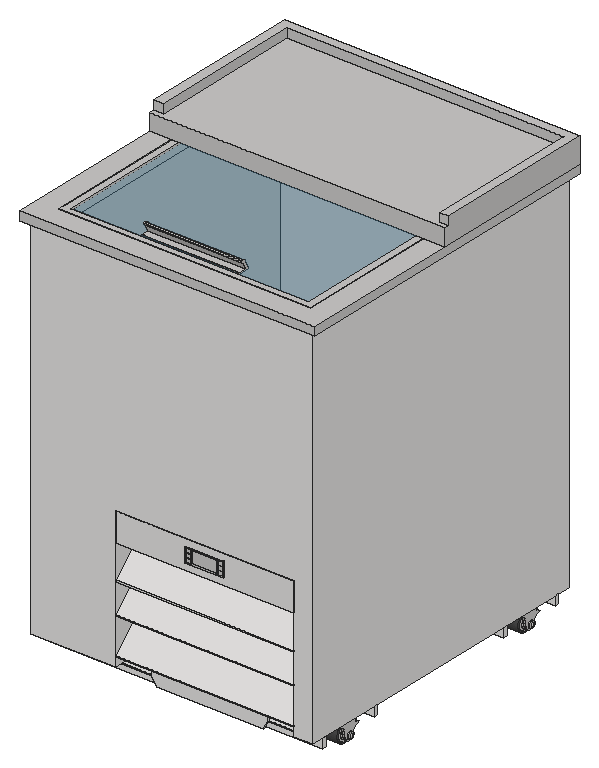
Revit family "QF_Kelvinator_738364_KCHGF24SS", category Specialty Equipment, Revit 2023
Family settings
  Round Connector Dimension = Use Diameter
  Part Type = Normal
  Work Plane-Based = No
  Enable Cutting in Views = No
  Always vertical = Yes
  Cut with Voids When Loaded = No
  Maintain Annotation Orientation = No
  Shared = No
  Room Calculation Point = No
Parameters
  Weight in Pounds = 121.254
  Weight = 55.00 lbm
  Watts = 0 W
  Volts = 115 V
  URL Manufacturer = "KELVINATOR"
  URL Cutsheet = ""
  URL = "KELVINATOR"
  Specification by User = ""
  Specification by Manufacturer = ""
  Serial Number = ""
  Seismic Rating = ""
  SMACNA No = ""
  Revision Code = ""
  Refrigerant Type = "R290"
  Phase = 1
  Number of Poles = 1
  NAFEM Spec ID Number = ""
  Model = "KCHGF24SS"
  Min Ckt Ampacity = 0 A
  Max Overcurrent Protection = 0 A
  Masterspec = ""
  Manufacturer = "Kelvinator"
  Length Actual = 612"
  Length = 24 1/8"
  Item Number = "738364"
  Installed By = ""
  Identify Quantity as Lot = yes
  Height Actual = 885"
  Height = 34 13/16"
  HP = "0.9 HP"
  Gas KW = 0
  Furnished By = ""
  Foodservice Equipment Identifier = yes
  FL Amps = 1.5 A
  Electrical Remarks = ""
  Electric Connection Type = ""
  Elec Conn RI Height = 0"
  Elec Conn Connection Height = 0"
  Description = "SLIDE TOP MUG/GLASS FROSTER STAINLESS STEEL 24\" LONG"
  Depth Actual = 687"
  Depth = 27 1/16"
  Default Elevation = 0"
  Cycle = 60 Hz
  Conn Plug = "5-15P"
  Conn Conduit = yes
  CSI MasterFormat = ""
  Apparent Power = 0 VA
  Accessory = no
Reference planes (in)
  plane 1 "BACK": y = 0
  plane 2: z = 0
  plane 3 "LEFT": x = 0
  plane 4 "RIGHT": x = 24.125
  plane 5 "FRONT": y = -27.0625
  plane 6 "TOP": z = 34.8125
  plane 7 "Center Y": x = 12.0625
  plane 8 "Center X": y = -13.53125
Dimensions and locks (in)
  equal spacing: plane 3 "LEFT", plane 7 "Center Y", plane 4 "RIGHT"
  "Length": plane 3 "LEFT" to plane 4 "RIGHT"
  equal spacing: plane 5 "FRONT", plane 8 "Center X", plane 1 "BACK"
  "Depth": plane 5 "FRONT" to plane 1 "BACK"
  "Height": plane 6 "TOP" to level
  aligned and locked: level to plane 2
Nested families (in)
  nested 1: "Family1" at (0, 0, 0), type "Family1"
Connectors (in)
  electrical at (10.2045, -1.10078, 1.25331), driven by "Volts", driven by "Watts"
    settings: on nested 1, index 1, voltage 115 V, apparent load 0 VA, apparent load phase1 0 VA, apparent load phase2 0 VA, apparent load phase3 0 VA, power factor 1, load classification "Power", number of poles 1, system type 30, power factor state 1, is connector primary yes, connector utility no, sub classification motor no, connector description "Electrical Connection"
Definition of nested family "Family1"
  Parameters (values of type "Family1")
    Weight in Pounds = 0
    URL Cutsheet = ""
    Specification by User = ""
    Specification by Manufacturer = ""
    Serial Number = ""
    Seismic Rating = ""
    SMACNA No = ""
    Revision Code = ""
    NAFEM Spec ID Number = ""
    Masterspec = ""
    Length = 24.094"
    Item Number = ""
    Installed By = ""
    Identify Quantity as Lot = yes
    Height = 34.843"
    Furnished By = ""
    Foodservice Equipment Identifier = yes
    Depth = 27.047"
    Default Elevation = 0"
    CSI MasterFormat = ""
  Reference planes (in)
    plane 1 "BACK": y = 0
    plane 2: z = 0
    plane 3 "LEFT": x = 0
    plane 4 "RIGHT": x = 24.094
    plane 5 "FRONT": y = -27.047
    plane 6 "TOP": z = 34.843
    plane 7 "Center Y": x = 12.047
    plane 8 "Center X": y = -13.5235
    plane 9: z = 1.7375
    plane 10: z = 13.2
    plane 11: x = 22.5565
    plane 12: x = 1.5
    plane 13: y = -26.5735
    plane 14: y = -0.4735
    plane 15: x = 23.5795
    plane 16: x = 0.5145
    plane 17: z = 32.7275
    plane 18: z = 32.0275
    plane 19: x = 24.125
    plane 20: y = -27.0625
    plane 21: z = 34.8125
  Forms (in)
    Extrusion 1, solid
      sketch origin (0, 0, 0) x (0, 1, 0) y (0, 0, 1)
        loop
          line (-26.5735, 32.0275) -> (-26.5735, 1.7375) -> (-0.4735, 1.7375) -> (-0.4735, 32.0275) -> (-26.5735, 32.0275)
      from 0.5145 to 23.5795
    Extrusion 2, solid
      sketch origin (0, 0, 7.1225) x (0, 1, 0) y (0, 0, 1)
        loop
          line (-27.0625, 24.905) -> (0, 24.905) -> (0, 25.605) -> (-27.0625, 25.605) -> (-27.0625, 24.905)
      from 0 to 24.125
    Extrusion 3, solid
      sketch origin (0, 0, 0) x (0, 1, 0) y (0, 0, 1)
        loop
          line (-13.75, 32.7275) -> (0, 32.7275) -> (0, 34.093) -> (-13.75, 34.093) -> (-13.75, 32.7275)
      from 0 to 24.125
    Extrusion 4, solid
      sketch origin (0, 0, 34.093) x (0, -1, 0) y (1, 0, 0)
        loop
          line (0, 24.125) -> (0, 0) -> (13.33441, 0) -> (13.33441, 0.75) -> (0.69634, 0.75) -> (0.69634, 23.375) -> (13.33441, 23.375) -> (13.33441, 24.125) -> (0, 24.125)
      from 0 to 0.7195
    Extrusion 5, void
      sketch origin (0, 0.25, 32.7275) x (1, 0, 0) y (0, -1, 0)
        loop
          line (1.7475, 2.9345) -> (22.3375, 2.9345) -> (22.3375, 25.05) -> (1.7475, 25.05) -> (1.7475, 2.9345)
      from 0 to 17.9
    Extrusion 6, solid
      sketch origin (0, -27.047, 32.0275) x (1, 0, 0) y (0, -1, 0)
        loop
          line (2.35625, -16.74637) -> (21.8375, -16.74637) -> (21.8375, -2.247) -> (2.35625, -2.247) -> (2.35625, -16.74637)
      from 0 to -0.57542
    Extrusion 7, solid
      sketch origin (12.047, -181, 39.197) x (0, 0, -1) y (0, -1, 0)
        loop
          arc (6.4695, -156.32682) -> (6.4445, -156.30182) -> (6.4195, -156.32682) r 0.025
          line (6.4195, -156.32682) -> (6.4195, -156.96622) -> (5.86732, -156.69013)
          arc (5.86732, -156.69013) -> (5.79987, -156.64151) -> (5.75125, -156.57405) r 0.25955
          arc (5.75125, -156.57405) -> (5.69185, -156.58585) -> (5.65694, -156.63533) r 0.08161
          arc (5.65694, -156.63533) -> (5.67142, -156.77836) -> (5.77169, -156.8814) r 0.21839
          line (5.77169, -156.8814) -> (6.40165, -157.19639)
          arc (6.40165, -157.19639) -> (6.44727, -157.19433) -> (6.4695, -157.15445) r 0.04688
          line (6.4695, -157.15445) -> (6.4695, -156.32682)
      from -4 to 4
    Extrusion 8, void
      sketch origin (34.879, -27.76247, 48) x (0, -1, 0) y (0, 0, -1)
        loop
          line (-0.93897, 46.5) -> (-3.02319, 46.5) -> (-3.02319, 34.8) -> (-0.93897, 34.8) -> (-0.93897, 46.5)
      from -12.835 to -27.435
    Extrusion 9, solid
      sketch origin (16.28737, -26.5735, 2.88123) x (-1, 0, 0) y (0, 0, 1)
        loop
          line (3.11817, 9.70772) -> (-0.03143, 9.70772) -> (-0.03143, 8.52662) -> (3.11817, 8.52662) -> (3.11817, 9.70772)
        loop
          line (3.03943, 9.63107) -> (2.64573, 9.63107) -> (2.64573, 9.31193) -> (3.03943, 9.31193) -> (3.03943, 9.63107)
        loop
          line (3.03943, 9.27674) -> (2.64573, 9.27674) -> (2.64573, 8.9576) -> (3.03943, 8.9576) -> (3.03943, 9.27674)
        loop
          line (3.03943, 8.92241) -> (2.64573, 8.92241) -> (2.64573, 8.60327) -> (3.03943, 8.60327) -> (3.03943, 8.92241)
        loop
          line (0.04731, 9.63107) -> (0.04731, 9.31193) -> (0.44101, 9.31193) -> (0.44101, 9.63107) -> (0.04731, 9.63107)
        loop
          line (0.04731, 9.27674) -> (0.04731, 8.9576) -> (0.44101, 8.9576) -> (0.44101, 9.27674) -> (0.04731, 9.27674)
        loop
          line (0.04731, 8.92241) -> (0.04731, 8.60327) -> (0.44101, 8.60327) -> (0.44101, 8.92241) -> (0.04731, 8.92241)
        loop
          line (2.56825, 9.63107) -> (0.51849, 9.63107) -> (0.51849, 8.60716) -> (2.56825, 8.60716) -> (2.56825, 9.63107)
      from 0.07874 to -0.04602
    Extrusion 10, solid
      sketch origin (16.28737, -26.61952, 2.88123) x (1, 0, 0) y (0, 0, 1)
        loop
          line (-0.44101, 9.63107) -> (-0.44101, 9.31193) -> (-0.04731, 9.31193) -> (-0.04731, 9.63107) -> (-0.44101, 9.63107)
        loop
          line (-0.44101, 9.27674) -> (-0.44101, 8.9576) -> (-0.04731, 8.9576) -> (-0.04731, 9.27674) -> (-0.44101, 9.27674)
        loop
          line (-0.44101, 8.92241) -> (-0.44101, 8.60327) -> (-0.04731, 8.60327) -> (-0.04731, 8.92241) -> (-0.44101, 8.92241)
        loop
          line (-2.64573, 9.63107) -> (-3.03943, 9.63107) -> (-3.03943, 9.31193) -> (-2.64573, 9.31193) -> (-2.64573, 9.63107)
        loop
          line (-2.64573, 9.27674) -> (-3.03943, 9.27674) -> (-3.03943, 8.9576) -> (-2.64573, 8.9576) -> (-2.64573, 9.27674)
        loop
          line (-2.64573, 8.92241) -> (-3.03943, 8.92241) -> (-3.03943, 8.60327) -> (-2.64573, 8.60327) -> (-2.64573, 8.92241)
      from 0 to -0.07874
    Extrusion 11, solid
      sketch origin (16.28737, -26.61952, 2.88123) x (1, 0, 0) y (0, 0, 1)
        loop
          line (-2.56825, 9.63107) -> (-2.56825, 8.60716) -> (-0.51849, 8.60716) -> (-0.51849, 9.63107) -> (-2.56825, 9.63107)
      from 0 to -0.07874
    Extrusion 12, void
      sketch origin (16.28737, -26.5735, 2.88123) x (-1, 0, 0) y (0, 0, 1)
        loop
          line (3.11817, 9.70772) -> (-0.03143, 9.70772) -> (-0.03143, 8.52662) -> (3.11817, 8.52662) -> (3.11817, 9.70772)
      from 0 to 0.07874
    Extrusion 13, solid
      sketch origin (11.325, -0.575, 1.7375) x (-1, 0, 0) y (0, 1, 0)
        loop
          circle (1.1205, -0.52578) r 0.25
      from 0 to 0.48419
    Extrusion 14, solid
      sketch origin (0, 0, 32.7275) x (0, -1, 0) y (1, 0, 0)
        loop
          line (10.30063, 1.7475) -> (25.3, 1.7475) -> (25.3, 22.3375) -> (10.30063, 22.3375) -> (10.30063, 21.8375) -> (24.8, 21.8375) -> (24.8, 2.35625) -> (10.30063, 2.35625) -> (10.30063, 1.7475)
      from 0 to -0.75
    Extrusion 15, solid
      sketch origin (0.5145, 0, 0) x (0, -1, 0) y (0, 0, 1)
        loop
          line (25.547, 1.7375) -> (25.297, 1.7375) -> (25.297, 0.9875) -> (25.547, 0.9875) -> (25.547, 1.7375)
        loop
          line (20.01664, 1.7375) -> (20.01664, 0.9875) -> (20.26664, 0.9875) -> (20.26664, 1.7375) -> (20.01664, 1.7375)
        loop
          line (7.047, 1.7375) -> (6.797, 1.7375) -> (6.797, 0.9875) -> (7.047, 0.9875) -> (7.047, 1.7375)
        loop
          line (1.51664, 1.7375) -> (1.51664, 0.9875) -> (1.76664, 0.9875) -> (1.76664, 1.7375) -> (1.51664, 1.7375)
      from 0 to -23.065
    Extrusion 16, solid
      sketch origin (0, -26.5735, 1.7375) x (0, 0, 1) y (-1, 0, 0)
        loop
          line (9.0593, -7.444) -> (9.0593, -22.044) -> (11.4625, -22.044) -> (11.4625, -7.444) -> (9.0593, -7.444)
      from 0 to -1.789
    Extrusion 17, solid
      sketch origin (7.444, -27.76247, 48) x (0, -1, 0) y (0, 0, -1)
        loop
          line (-1.18897, 45.5125) -> (-3.02319, 43.67828) -> (-3.02319, 43.42828) -> (-2.96019, 43.42828) -> (-2.96019, 43.65218) -> (-1.18897, 45.4234) -> (-1.18897, 45.5125)
        loop
          line (-1.18897, 42.5125) -> (-3.02319, 40.67828) -> (-3.02319, 40.42828) -> (-2.96019, 40.42828) -> (-2.96019, 40.65218) -> (-1.18897, 42.4234) -> (-1.18897, 42.5125)
        loop
          line (-1.18897, 40.0125) -> (-3.02319, 38.17828) -> (-3.02319, 37.92828) -> (-2.96019, 37.92828) -> (-2.96019, 38.15218) -> (-1.18897, 39.9234) -> (-1.18897, 40.0125)
        loop
          line (-3.02319, 46.2625) -> (-3.02319, 46.1995) -> (-1.77319, 46.1995) -> (-1.77319, 46.2625) -> (-3.02319, 46.2625)
      from 0 to 14.6
    Extrusion 18, solid
      sketch origin (7.444, -25.98928, 1.8005) x (0, 0, -1) y (1, 0, 0)
        loop
          line (-0.687, 12.05) -> (-0.687, 2.55) -> (0.063, 2.55) -> (0.71252, 2.925) -> (0.71252, 11.675) -> (0.063, 12.05) -> (-0.687, 12.05)
      from 0 to 0.063
  Cuts and joins
    joined: Extrusion 3, Extrusion 4
    Extrusion 5, Extrusion 8 cuts Extrusion 1
    Extrusion 5 cuts Extrusion 2
    Extrusion 12 cuts Extrusion 9
  Lines and regions (in)
    symbolic lines
      curve 1: line (0.75, -0.69634, 0) -> (23.344, -0.69634, 0)
      curve 2: line (24.125, 0, 0) -> (0, 0, 0)
      curve 3: line (0.75, -13.33441, 0) -> (0.75, -0.69634, 0)
      curve 4: line (0, 0, 0) -> (0, -27.0625, 0)
      curve 5: line (24.125, -27.0625, 0) -> (24.125, 0, 0)
      curve 6: line (23.344, -0.69634, 0) -> (23.344, -13.33441, 0)
      curve 7: line (23.344, -13.33441, 0) -> (24.125, -13.33441, 0)
      curve 8: line (0, -13.75, 0) -> (24.125, -13.75, 0)
      curve 9: line (0, -13.33441, 0) -> (0.75, -13.33441, 0)
      curve 10: line (0, -27.0625, 0) -> (24.125, -27.0625, 0)
      curve 11: line (1.7475, -25.2845, 0) -> (22.3065, -25.2845, 0)
      curve 12: line (1.7475, -13.75, 0) -> (1.7475, -25.2845, 0)
      curve 13: line (2.35625, -13.75, 0) -> (2.35625, -24.7845, 0)
      curve 14: line (22.3065, -13.75, 0) -> (22.3065, -25.2845, 0)
      curve 15: line (21.8065, -13.75, 0) -> (21.8065, -24.7845, 0)
      curve 16: line (21.8065, -24.7845, 0) -> (2.35625, -24.7845, 0)
      curve 17: line (16.047, -24.42595, 0) -> (8.047, -24.42595, 0)
      curve 18: line (16.047, -24.69818, 0) -> (16.047, -23.79866, 0)
      curve 19: line (8.047, -23.79866, 0) -> (8.047, -24.69818, 0)
      curve 20: line (8.047, -23.79866, 0) -> (16.047, -23.79866, 0)
      curve 21: line (8.047, -24.69818, 0) -> (16.047, -24.69818, 0)
      curve 22: line (2.35625, -23.72382, 0) -> (21.8065, -23.72382, 0)
  Dimensions and locks (in)
    equal spacing: plane 3 "LEFT", plane 7 "Center Y", plane 4 "RIGHT"
    "Length": plane 3 "LEFT" to plane 4 "RIGHT"
    equal spacing: plane 5 "FRONT", plane 8 "Center X", plane 1 "BACK"
    "Depth": plane 5 "FRONT" to plane 1 "BACK"
    "Height": plane 6 "TOP" to level
    plane 10 to cut or joined group of Extrusion 1, Extrusion 5, Extrusion 8 = 11.4625"
    locked: plane 4 "RIGHT" to plane 11 at 1.5375
    plane 13 to plane 14 = 26.1"
    plane 16 to plane 15 = 23.065"
    plane 9 to level = 1.7375"
    plane 18 to plane 17 = 0.7"
    cut or joined group of Extrusion 1, Extrusion 5, Extrusion 8 to cut or joined group of Extrusion 1, Extrusion 5, Extrusion 8 = 22.1155"
    locked: plane 15 to plane 4 "RIGHT" at 0.5145
    plane 3 "LEFT" to plane 19 = 24 1/8"
    plane 1 "BACK" to plane 20 = 27 1/16"
    plane 21 to level = 34 13/16"
    aligned and locked: level to plane 2
    aligned and locked: plane 11 to nested 3
    aligned and locked: cut or joined group of Extrusion 2, Extrusion 5 to Extrusion 14
    aligned and locked: Extrusion 14 to curve 12
    aligned and locked: plane 11 to nested 1
    aligned and locked: Extrusion 14 sketch curve to cut or joined group of Extrusion 2, Extrusion 5
    aligned and locked: cut or joined group of Extrusion 1, Extrusion 5, Extrusion 8 to Extrusion 17
    aligned and locked: cut or joined group of Extrusion 1, Extrusion 5, Extrusion 8 to plane 15
  Automatic sketch dimensions
    plane 1 "BACK" to Extrusion 1 sketch curve = 0.4735"
    Extrusion 1 sketch curve to plane 9 = 0"
    plane 5 "FRONT" to Extrusion 2 sketch curve = 0.0155"
    Extrusion 2 sketch curve to plane 1 "BACK" = 0"
    Extrusion 3 sketch curve to plane 1 "BACK" = 0"
    Extrusion 3 sketch curve to plane 6 "TOP" = 3/4"
    Extrusion 2 to Extrusion 5 sketch curve = 1.7475"
    Extrusion 2 to Extrusion 5 sketch curve = 1.7875"
    Extrusion 5 sketch curve to Extrusion 2 = 2.2625"
    Extrusion 6 sketch curve to Extrusion 2 = 2.35625"
    Extrusion 6 sketch curve to Extrusion 2 = 2.2625"
    Extrusion 6 sketch curve to Extrusion 6 sketch curve = 19.48125"
    Extrusion 6 sketch curve to Extrusion 2 = 10.30063"
    Extrusion 9 sketch curve to plane 10 = 0.61105"
    Extrusion 9 sketch curve to Extrusion 9 sketch curve = 0.07874"  (x3)
    Extrusion 9 sketch curve to Extrusion 9 sketch curve = 0"  (x8)
    Extrusion 9 sketch curve to Extrusion 9 sketch curve = 0.3937"  (x2)
    Extrusion 9 sketch curve to Extrusion 9 sketch curve = 0.07748"  (x3)
    Extrusion 9 sketch curve to Extrusion 9 sketch curve = 2.04976"
    Extrusion 9 sketch curve to Extrusion 9 sketch curve = 0.07665"  (x2)
    Extrusion 9 sketch curve to Extrusion 9 sketch curve = 0.31914"  (x6)
    Extrusion 9 sketch curve to Extrusion 9 sketch curve = 0.03519"  (x4)
    Extrusion 9 sketch curve to Extrusion 9 sketch curve = 0.31525"
    Extrusion 9 to Extrusion 10 sketch curve = 0"  (x10)
    Extrusion 10 sketch curve to Extrusion 9 = 0"  (x14)
    Extrusion 11 sketch curve to Extrusion 9 = 0"  (x3)
    Extrusion 9 to Extrusion 11 sketch curve = 0"
    Extrusion 12 sketch curve to plane 10 = 0.61105"
    Extrusion 12 sketch curve to Extrusion 12 sketch curve = 3.14961"
    Extrusion 12 sketch curve to Extrusion 12 sketch curve = 1.1811"
    Extrusion 1 to Extrusion 13 sketch curve = 0.62728"
    Extrusion 13 sketch curve to Extrusion 1 = 13 3/8"
    Extrusion 2 sketch curve to Extrusion 2 sketch curve = 0.7"
    Extrusion 1 sketch curve to plane 6 "TOP" = 2.8155"
    Extrusion 2 sketch curve to plane 6 "TOP" = 2.8155"
    Extrusion 3 sketch curve to Extrusion 3 sketch curve = 1.3655"
    Extrusion 1 sketch curve to plane 5 "FRONT" = 0.4735"
    Extrusion 7 sketch curve to plane 6 "TOP" = 1.38232"
    Extrusion 7 sketch curve to Extrusion 7 sketch curve = 0.03537"
    Extrusion 7 sketch curve to Extrusion 7 sketch curve = 0.13101"
    Extrusion 7 sketch curve to Extrusion 7 sketch curve = 0.00203"
    Extrusion 7 sketch curve to Extrusion 7 sketch curve = 0.11405"
    Extrusion 7 sketch curve to Extrusion 7 sketch curve = 0.02097"
    Extrusion 7 sketch curve to Extrusion 7 sketch curve = 0.4611"
    Extrusion 7 sketch curve to Extrusion 7 sketch curve = 3/64"
    Extrusion 7 sketch curve to plane 5 "FRONT" = 3.24339"
    Extrusion 7 sketch curve to Extrusion 7 sketch curve = 0.31498"
    Extrusion 7 sketch curve to Extrusion 7 sketch curve = 0.19128"
    Extrusion 7 sketch curve to Extrusion 7 sketch curve = 0.00406"
    Extrusion 7 sketch curve to Extrusion 7 sketch curve = 0.03584"
    Extrusion 7 sketch curve to Extrusion 7 sketch curve = 0.22809"
    Extrusion 7 sketch curve to Extrusion 7 sketch curve = 0.13115"
    Extrusion 7 sketch curve to Extrusion 7 sketch curve = 0"
    Extrusion 7 sketch curve to Extrusion 7 sketch curve = 0.00312"
    Extrusion 7 sketch curve to Extrusion 7 sketch curve = 0.18824"
    Extrusion 3 sketch curve to plane 8 "Center X" = 0.2265"
    plane 1 "BACK" to curve 4 = 0"
    curve 4 to plane 3 "LEFT" = 0"
    curve 5 to plane 4 "RIGHT" = 0.031"
    plane 5 "FRONT" to curve 5 = 0.0155"
    plane 3 "LEFT" to curve 3 = 3/4"
    curve 21 to plane 7 "Center Y" = 4"
    curve 11 to curve 16 = 1/2"
    plane 8 "Center X" to curve 9 = 0.18909"
    plane 8 "Center X" to curve 7 = 0.18909"
    curve 19 to curve 17 = 0.27223"
    curve 12 to plane 8 "Center X" = 0.2265"
    Extrusion 2 to Extrusion 14 sketch curve = 1.7475"
    Extrusion 2 to Extrusion 14 sketch curve = 10.30063"  (x2)
    Extrusion 2 to Extrusion 14 sketch curve = 2.2875"
    Extrusion 14 sketch curve to Extrusion 2 = 2.2625"
    Extrusion 14 sketch curve to Extrusion 14 sketch curve = 1/2"
    Extrusion 14 sketch curve to Extrusion 14 sketch curve = 0.60875"
    curve 12 to plane 5 "FRONT" = 1.7625"
    curve 19 to plane 5 "FRONT" = 2.34882"
    curve 17 to curve 20 = 0.62728"
    curve 13 to curve 22 = 1.06068"
    curve 1 to plane 14 = 0.22284"
    curve 11 to plane 11 = 1/4"
    curve 15 to curve 11 = 1/2"
    plane 7 "Center Y" to curve 18 = 4"
    Extrusion 9 sketch curve to plane 11 = 6.2377"
    Extrusion 12 sketch curve to plane 11 = 6.2377"
    curve 11 to curve 13 = 0.60875"
    Extrusion 2 to Extrusion 5 sketch curve = 2.6845"
    Extrusion 1 to Extrusion 15 sketch curve = 0"  (x4)
    Extrusion 15 sketch curve to Extrusion 1 = 1.04314"
    Extrusion 15 sketch curve to Extrusion 15 sketch curve = 1/4"  (x4)
    Extrusion 1 to Extrusion 15 sketch curve = 3/4"
    Extrusion 15 sketch curve to Extrusion 15 sketch curve = 5.03036"
    Extrusion 15 sketch curve to Extrusion 1 = 6.55686"
    Extrusion 15 sketch curve to Extrusion 1 = 1.2765"
    Extrusion 15 sketch curve to Extrusion 15 sketch curve = 3/4"  (x3)
    plane 9 to Extrusion 8 sketch curve = 0.2375"
    Extrusion 8 sketch curve to plane 13 = 1.83422"
    plane 5 "FRONT" to Extrusion 8 sketch curve = 0.2235"
    plane 10 to Extrusion 8 sketch curve = 0"
    Extrusion 1 to Extrusion 16 sketch curve = 1.5355"
    Extrusion 16 sketch curve to Extrusion 1 = 9.0593"
    Extrusion 16 sketch curve to Extrusion 16 sketch curve = 2.4032"
    Extrusion 16 sketch curve to Extrusion 16 sketch curve = 14.6"
    Extrusion 17 sketch curve to Extrusion 8 = 0"  (x4)
    Extrusion 8 to Extrusion 17 sketch curve = 0.063"  (x2)
    Extrusion 17 sketch curve to Extrusion 17 sketch curve = 0.063"  (x2)
    Extrusion 8 to Extrusion 17 sketch curve = 1/4"  (x3)
    Extrusion 8 to Extrusion 17 sketch curve = 0.2375"
    Extrusion 17 sketch curve to Extrusion 17 sketch curve = 0.687"
    Extrusion 17 sketch curve to Extrusion 17 sketch curve = 0.0891"  (x3)
    Extrusion 17 sketch curve to Extrusion 17 sketch curve = 2.52122"
    Extrusion 17 sketch curve to Extrusion 17 sketch curve = 0.0261"  (x3)
    Extrusion 17 sketch curve to Extrusion 17 sketch curve = 0.2239"  (x3)
    Extrusion 17 sketch curve to Extrusion 17 sketch curve = 0.91578"
    Extrusion 17 sketch curve to Extrusion 17 sketch curve = 1.74513"
    Extrusion 17 sketch curve to Extrusion 17 sketch curve = 0.41578"
    Extrusion 17 sketch curve to Extrusion 17 sketch curve = 2 1/4"
    Extrusion 8 to Extrusion 17 sketch curve = 0.83422"
    Extrusion 18 sketch curve to Extrusion 17 = 0"  (x2)
    Extrusion 18 sketch curve to Extrusion 17 = 0.64952"
    Extrusion 17 to Extrusion 18 sketch curve = 2.55"
    Extrusion 18 sketch curve to Extrusion 18 sketch curve = 3/8"  (x2)
    Extrusion 17 to Extrusion 18 sketch curve = 2.925"
    Extrusion 18 sketch curve to Extrusion 17 = 0.687"
    curve 6 to plane 15 = 0.2355"
    Extrusion 4 sketch curve to Extrusion 3 = 0"  (x3)
    Extrusion 3 to Extrusion 4 sketch curve = 0.69634"
    Extrusion 4 sketch curve to Extrusion 3 = 0.41559"  (x2)
    Extrusion 3 to Extrusion 4 sketch curve = 3/4"  (x2)
    radius of Extrusion 13 sketch curve = 1/4"
  Nested families (in)
    nested 1: "2 INCHES_CASTER" at (22.5565, -23.25, 0), type "2 INCHES_CASTER"
      with Type Mark "", Specification by User "", Revision Code "", Item Number "", Installed By "", Identify Quantity as Lot yes, Furnished By "", Foodservice Equipment Identifier yes, 2.5 Inches Caster yes
    nested 2: "2 INCHES_CASTER" at (1.5, -23.25, 0), type "2 INCHES_CASTER"
      with Type Mark "", Specification by User "", Revision Code "", Item Number "", Installed By "", Identify Quantity as Lot yes, Furnished By "", Foodservice Equipment Identifier yes, 2.5 Inches Caster yes
    nested 3: "2 INCHES_CASTER" at (22.5565, -4.75, 0), type "2 INCHES_CASTER"
      with Type Mark "", Specification by User "", Revision Code "", Item Number "", Installed By "", Identify Quantity as Lot yes, Furnished By "", Foodservice Equipment Identifier yes, 2.5 Inches Caster yes
    nested 4: "2 INCHES_CASTER" at (1.5, -4.75, 0), type "2 INCHES_CASTER"
      with Type Mark "", Specification by User "", Revision Code "", Item Number "", Installed By "", Identify Quantity as Lot yes, Furnished By "", Foodservice Equipment Identifier yes, 2.5 Inches Caster yes
  Definition of nested family "2 INCHES_CASTER"
    Parameters (values of type "2 INCHES_CASTER")
      Weight = ""
      URL Manufacturer = ""
      URL Cutsheet = ""
      URL = ""
      Type Mark [instance] = ""
      Specification by User [instance] = ""
      Specification by Manufacturer = ""
      Serial Number = ""
      Seismic Rating = ""
      SMACNA No = ""
      Revision Code [instance] = ""
      Omniclass Number and Title = ""
      NAFEM Spec ID Number = ""
      Model = ""
      MasterSpec. = ""
      Manufacturer = ""
      Item Number [instance] = ""
      Installed By [instance] = ""
      Identify Quantity as Lot [instance] = yes
      Furnished By [instance] = ""
      Foodservice Equipment Identifier [instance] = yes
      Description = ""
      Default Elevation = 0"
      CSI MasterFormat = ""
      CSI Master Format = ""
      Assembly Code = ""
      2.5 Inches Caster [instance] = yes
    Reference planes (in)
      plane 1: z = 0
      plane 2 "RIGHT": x = 0
      plane 3 "FRONT": y = 0
      plane 4 "TOP": z = 1.8125
    Forms (in)
      Revolve 1, solid, visible <- "2.5 Inches Caster"
        sketch origin (-1.93794, 0.46818, -1.0041) x (1, 0, 0) y (0, 0, 1)
          loop
            line (0.74055, 1.73847) -> (0.74055, 1.66297) -> (0.79055, 1.61297) -> (0.85055, 1.61297) -> (0.85055, 1.4929) -> (1.235, 1.4929) -> (1.235, 1.42555) -> (1.38673, 1.33795) -> (1.4003, 1.2541) -> (1.34375, 1.2541) -> (1.34375, 1.1291) -> (1.375, 1.1291) -> (1.375, 1.0041) -> (2.48438, 1.0041) -> (2.48438, 1.1291) -> (2.51563, 1.1291) -> (2.51563, 1.2541) -> (2.45908, 1.2541) -> (2.47322, 1.34147) -> (2.62438, 1.42874) -> (2.62438, 1.4929) -> (3.04007, 1.4929) -> (3.04007, 1.61297) -> (3.10007, 1.61297) -> (3.15007, 1.66297) -> (3.15007, 1.73847) -> (0.74055, 1.73847)
          axis (0.74055, 1.73847) -> (3.15007, 1.73847)
        angle from 0 to 360
      Extrusion 2, solid, visible <- "2.5 Inches Caster"
        sketch origin (-1.93794, 1.43296, -3.54027) x (0, 1, 0) y (0, 0, 1)
          loop
            line (-0.72106, 5.25902) -> (-2.13481, 5.25902) -> (-2.13481, 5.15394) -> (-1.37414, 5.15394)
            arc (-1.37414, 5.15394) -> (-0.65149, 5.07387) -> (0.00081, 4.75271) r 2.10495
            line (0.00081, 4.75271) -> (0.049, 4.81943)
            arc (0.049, 4.81943) -> (-0.15067, 4.97001) -> (-0.36861, 5.09269) r 1.8753
            line (-0.36861, 5.09269) -> (-0.31311, 5.18871)
            arc (-0.31311, 5.18871) -> (-0.51408, 5.24132) -> (-0.72106, 5.25902) r 1.21859
        from 1.17357 to 2.70231
      Revolve 3, solid, visible <- "2.5 Inches Caster"
        sketch origin (0, 1.73858, -3.875) x (0, 1, 0) y (0, 0, 1)
          loop
            line (-1.73858, 5.59375) -> (-1.05793, 5.59375) -> (-1.05793, 5.6875) -> (-1.73858, 5.6875) -> (-1.73858, 5.59375)
          axis (-1.73858, 5.59375) -> (-1.73858, 5.6875)
        angle from 0 to 360
      Extrusion 4, solid, visible <- "2.5 Inches Caster"
        sketch origin (-1.98481, 1.43296, -1.8791) x (0, 1, 0) y (0, 0, 1)
          loop
            line (-2.13481, 3.59785) -> (-2.13481, 3.49277) -> (-1.87092, 3.49277)
            arc (-1.87092, 3.49277) -> (-1.53728, 3.22119) -> (-1.39241, 2.81612) r 0.80048
            arc (-1.39241, 2.81612) -> (-1.36136, 2.62044) -> (-1.29729, 2.43295) r 1.15385
            arc (-1.29729, 2.43295) -> (-0.94802, 2.21237) -> (-0.6121, 2.45278) r 0.37001
            arc (-0.6121, 2.45278) -> (-0.59625, 2.50123) -> (-0.58446, 2.55082) r 0.61695
            arc (-0.58446, 2.55082) -> (-0.40614, 2.91904) -> (-0.02203, 3.05992) r 0.54585
            line (-0.02203, 3.05992) -> (0.049, 3.15825)
            arc (0.049, 3.15825) -> (-0.15067, 3.30884) -> (-0.36861, 3.43151) r 1.8753
            line (-0.36861, 3.43151) -> (-0.31311, 3.52753)
            arc (-0.31311, 3.52753) -> (-0.51408, 3.58014) -> (-0.72106, 3.59785) r 1.21859
            line (-0.72106, 3.59785) -> (-2.13481, 3.59785)
        from 2.74918 to 2.90825
      Extrusion 5, solid, visible <- "2.5 Inches Caster"
        sketch origin (1.98481, 1.43296, -1.8791) x (0, 1, 0) y (0, 0, -1)
          loop
            line (-2.13481, -3.59785) -> (-0.72106, -3.59785)
            arc (-0.72106, -3.59785) -> (-0.51408, -3.58014) -> (-0.31311, -3.52753) r 1.21859
            line (-0.31311, -3.52753) -> (-0.36861, -3.43151)
            arc (-0.36861, -3.43151) -> (-0.15067, -3.30884) -> (0.049, -3.15825) r 1.8753
            line (0.049, -3.15825) -> (-0.02203, -3.05992)
            arc (-0.02203, -3.05992) -> (-0.40614, -2.91904) -> (-0.58446, -2.55082) r 0.54585
            arc (-0.58446, -2.55082) -> (-0.59625, -2.50123) -> (-0.6121, -2.45278) r 0.61695
            arc (-0.6121, -2.45278) -> (-0.94802, -2.21237) -> (-1.29729, -2.43295) r 0.37001
            arc (-1.29729, -2.43295) -> (-1.36136, -2.62044) -> (-1.39241, -2.81612) r 1.15385
            arc (-1.39241, -2.81612) -> (-1.53728, -3.22119) -> (-1.87092, -3.49277) r 0.80048
            line (-1.87092, -3.49277) -> (-2.13481, -3.49277) -> (-2.13481, -3.59785)
        from 2.74918 to 2.90825
    Cuts and joins
      joined: Revolve 1, Extrusion 2, Revolve 3, Extrusion 4, Extrusion 5
    Lines and regions (in)
      symbolic lines, visible <- "2.5 Inches Caster"
        curve 1: line (0.10651, 1.59133, 0) -> (0.80944, 1.1855, 0)
        curve 2: line (-0.89349, -0.14072, 0) -> (0.10651, 1.59133, 0)
        curve 3: line (-0.19056, -0.54656, 0) -> (-0.89349, -0.14072, 0)
        curve 4: line (0.80944, 1.1855, 0) -> (-0.19056, -0.54656, 0)
    Dimensions and locks (in)
      plane 4 "TOP" to level = 1 13/16"  (x2)
      aligned and locked: level to plane 1
